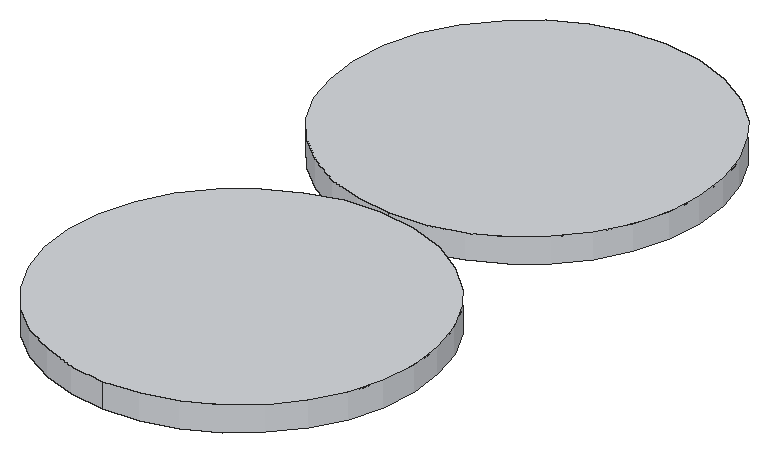
Revit family "Deca_Acionamento monocomando mesa redonda_Deca You_4990.104", category Plumbing Fixtures, host Face, Revit 2020
Family settings
  Host = Face
  Round Connector Dimension = Use Radius
  Part Type = Normal
  Cut with Voids When Loaded = No
  Shared = No
  Room Calculation Point = No
Parameters (values of type "4990.C104_Cromado")
  WFU = 0
  Vazão na Pressão mín. (L/min) = ""
  Vazão na Pressão máx. (L/min) = ""
  URL = "www.deca.com.br"
  Tipo de rosca de saída = "BSP"
  Tipo de rosca de entrada = "BSP"
  Tipo de mecanismo utilizado = "Cartucho moncomando Rotativo"
  Tipo de dispositivo economizador = "-"
  Segmento = "Luxo"
  Saída de Esgoto = "-"
  Raio Água Fria = 0.00 m  # constant formula
  Raio Ponto de Esgoto = 0.00 m  # constant formula
  Pressão mín. funcionamento = ""
  Pressão mín. Aquec. Passagem = "-"
  Pressão mín. Aquec. Acúmulo = "-"
  Pressão máx. funcionamento = ""
  Peso Líquido (Kg) = 0
  Norma = "Não possui"
  Model = "4990.C104"
  Material = Deca_Cromado
  Manufacturer = "DECA"
  Linha = "Deca You"
  Itens de Instalação = "Mangueira Flexivel"
  Informações Complementares = ""
  Diâmetro Água Fria = 2 * Raio Água Fria  # 0.00 m
  Diâmetro Ponto de Esgoto = 2 * Raio Ponto de Esgoto  # 0.00 m
  Description = ""
  Default Elevation = 0.00 m
  Código Pai = "4990.C104"
  Criado por = "quattroD"
  Cores Componente = ""
  Cor Secundária = "-"
  Cor Principal = "Cromado"
  Cor Interna = ""
  Consumo = "-"
  Composição Componente = ""
  Composição Básica = "Liga de Cobre (Latão),Plásticos de Engenharia, Aço Inoxidavel e Elastômeros"
  Composição Assento = ""
  Composição Anel Vedação = ""
  Categoria = "Acionamento  Monoc Lavatório / Banheiro"
  CWFU = 0
  Atendimento ao Cliente = "0800-0117073"
  Assembly Code = ""
  Aprovado por = "quattroD"
  Acompanha o Produto = "Flexiveis e Adaptadores de Rosca"
Types (11, lengths in m): name | Model | Material | Código Pai | Cor Principal
  4990.C104_Cromado | "4990.C104" | Deca_Cromado | "4990.C104" | "Cromado"
  4990.BL104.MT_Black Matte | "4990.BL104.MT" | Deca_Black Matte | "4990.BL104.MT" | "Black Matte"
  4990.GF104.MT_Grafite | "4990.GF104.MT" | Deca_Grafite | "4990.GF104.MT" | "Antracite Dark"
  4990.INX104_Inox | "4990.INX104" | Deca_Inox | "4990.INX104" | "Inox"
  4990.MR104.MT_Brown Matte | "4990.MR104.MT" | Deca_Brown Matte | "4990.MR104.MT" | "BROWN MATTE"
  4990.SM104.MT_Summer Gold | "4990.SM104.MT" | Deca_Summer Gold | "4990.SM104.MT" | "SUMMER GOLD"
  4990.BR104.MT_Dynamic White | "4990.BR104.MT" | Deca_Dynamic White | "4990.BR104.MT" | "Dynamic White"
  4990.LS104.MT_Dynamic Gold | "4990.LS104.MT" | Deca_Dynamic Gold | "4990.LS104.MT" | "Dynamic Gold"
  4990.CL104.MT_Dynamic Peach | "4990.CL104.MT" | Deca_Dynamic Peach | "4990.CL104.MT" | "Dynamic Peach"
  4990.LV104.MT_Dynamic Lilac | "4990.LV104.MT" | Deca_Dynamic Lilac | "4990.LV104.MT" | "Dynamic Lilac"
  4990.AZ104.MT_Dynamic Blue | "4990.AZ104.MT" | Deca_Dynamic Blue | "4990.AZ104.MT" | "Dynamic Blue"
Reference planes (m)
  plane 1 "Center (Front/Back)": y = 0
  plane 2: z = 0
  plane 3 "Center (Left/Right)": x = -0.001415
  plane 4: y = 0.040099
  plane 5: y = -0.039901
  plane 6: x = 0.038585
  plane 7: x = -0.041415
  plane 8: z = 0.042
Forms (m)
  Extrusion 1, solid
    sketch origin (0.000779, 0.00379, 0) x (1, 0, 0) y (0, -1, 0)
      loop
        circle (-0.000719, 0.010432) r 0.007
    from 0 to 0.001
  Extrusion 2, solid
    sketch origin (0.001042, 0.018756, 0) x (1, 0, 0) y (0, -1, 0)
      loop
        circle (-0.000719, 0.011286) r 0.007
    from 0 to 0.001
Lines and regions (m)
  Masking region 1
    outline origin (-0.108633, -0.093814, 0) x (1, 0, 0) y (0, 1, 0)
      loop
        circle (0.107218, 0.093913) r 0.04
  Masking region 2
    outline origin (-0.108635, 0, -0.183401) x (1, 0, 0) y (0, 0, 1)
      loop
        line (0.077218, 0.222401) -> (0.077218, 0.195401) -> (0.080891, 0.195401) -> (0.095218, 0.195401) -> (0.095218, 0.194401)
        arc (0.095218, 0.194401) -> (0.094925, 0.193694) -> (0.094218, 0.193401) r 0.001
        line (0.094218, 0.193401) -> (0.080891, 0.193401) -> (0.077218, 0.193401) -> (0.077218, 0.185401) -> (0.067218, 0.185401) -> (0.067218, 0.183401) -> (0.107218, 0.183401) -> (0.147218, 0.183401) -> (0.147218, 0.185401) -> (0.137218, 0.185401) -> (0.137218, 0.193401) -> (0.120218, 0.193401)
        arc (0.120218, 0.193401) -> (0.119511, 0.193694) -> (0.119218, 0.194401) r 0.001
        line (0.119218, 0.194401) -> (0.119218, 0.195401) -> (0.137218, 0.195401) -> (0.137218, 0.222401) -> (0.134218, 0.225401) -> (0.130276, 0.225401) -> (0.083524, 0.225401) -> (0.080218, 0.225401) -> (0.077218, 0.222401)
  Masking region 3
    outline origin (-0.001415, 0.257317, -0.183401) x (0, 1, 0) y (0, 0, 1)
      loop
        line (-0.227218, 0.222401) -> (-0.230218, 0.225401) -> (-0.233524, 0.225401) -> (-0.280276, 0.225401) -> (-0.284218, 0.225401) -> (-0.287218, 0.222401) -> (-0.287218, 0.195401) -> (-0.269218, 0.195401) -> (-0.269218, 0.194401)
        arc (-0.269218, 0.194401) -> (-0.269511, 0.193694) -> (-0.270218, 0.193401) r 0.001
        line (-0.270218, 0.193401) -> (-0.287218, 0.193401) -> (-0.287218, 0.185401) -> (-0.297218, 0.185401) -> (-0.297218, 0.183401) -> (-0.257218, 0.183401) -> (-0.217218, 0.183401) -> (-0.217218, 0.185401) -> (-0.227218, 0.185401) -> (-0.227218, 0.193401) -> (-0.230891, 0.193401) -> (-0.244218, 0.193401)
        arc (-0.244218, 0.193401) -> (-0.244925, 0.193694) -> (-0.245218, 0.194401) r 0.001
        line (-0.245218, 0.194401) -> (-0.245218, 0.195401) -> (-0.230891, 0.195401) -> (-0.227218, 0.195401) -> (-0.227218, 0.222401)
  symbolic lines
    curve 1: line (0.050585, 0.000099, 0) -> (-0.053415, 0.000099, 0)
    curve 2: circle (-0.001415, 0.000099, 0) r 0.03 normal (0, 0, 1)
    curve 3: circle (-0.001415, 0.000099, 0) r 0.027 normal (0, 0, 1)
    curve 4: circle (-0.001415, 0.000099, 0) r 0.0248 normal (0, 0, 1)
    curve 5: arc (-0.026163, -0.025002, 0) -> (-0.014789, -0.032515, 0) -> (-0.001415, -0.035151, 0) r 0.03525
    curve 6: line (-0.001415, -0.035151, 0) -> (-0.001415, -0.033851, 0)
    curve 7: line (-0.035258, -0.000712, 0) -> (-0.036665, 0.000099, 0)
    curve 8: arc (-0.036665, 0.000099, 0) -> (-0.034029, -0.013275, 0) -> (-0.026516, -0.024649, 0) r 0.03525
    curve 9: arc (-0.036155, -0.000705, 0) -> (-0.033412, -0.013455, 0) -> (-0.026163, -0.024295, 0) r 0.03475
    curve 10: arc (-0.025809, -0.024649, 0) -> (-0.014828, -0.031957, 0) -> (-0.001915, -0.034647, 0) r 0.03475
    curve 11: line (-0.001915, -0.034647, 0) -> (-0.001915, -0.033851, 0)
    curve 12: line (-0.035462, -0.001105, 0) -> (-0.036155, -0.000705, 0)
    curve 13: line (-0.035462, -0.001105, 0) -> (-0.035258, -0.000712, 0)
    curve 14: line (-0.026516, -0.024649, 0) -> (-0.026163, -0.024295, 0)
    curve 15: line (-0.026163, -0.025002, 0) -> (-0.025809, -0.024649, 0)
    curve 16: line (-0.001915, -0.033851, 0) -> (-0.001415, -0.033851, 0)
    curve 17: line (-0.027744, 0, 0.039) -> (-0.031417, 0, 0.039)
    curve 18: line (0.024203, 0, 0.039) -> (-0.027744, 0, 0.039)
    curve 19: line (0.028583, 0, 0.039) -> (0.024203, 0, 0.039)
    curve 20: line (0.028583, 0, 0.012) -> (-0.027744, 0, 0.012)
    curve 21: line (0.010583, 0, 0.011) -> (-0.011948, 0, 0.011)
    curve 22: line (-0.011948, 0, 0.011) -> (-0.013417, 0, 0.011)
    curve 23: line (0.028583, 0, 0.01) -> (-0.027744, 0, 0.01)
    curve 24: line (-0.027744, 0, 0.002) -> (0.028583, 0, 0.002)
    curve 25: line (-0.031417, 0, 0.002) -> (-0.027744, 0, 0.002)
    curve 26: line (-0.001415, 0.030098, 0.039) -> (-0.001415, -0.029902, 0.039)
    curve 27: line (-0.001415, 0.012098, 0.012) -> (-0.001415, -0.011902, 0.012)
    curve 28: line (-0.001415, 0.012098, 0.011) -> (-0.001415, -0.011902, 0.011)
    curve 29: line (-0.001415, 0.013098, 0.01) -> (-0.001415, -0.012902, 0.01)
    curve 30: line (-0.001415, 0.030098, 0.002) -> (-0.001415, -0.029902, 0.002)
Dimensions and locks (m)
  aligned and locked: host face to plane 2
  aligned and locked: level to host face
Connectors (m)
  piping at (0.00006, -0.006641, -0.001), driven by "Raio Água Fria"
    settings: on Extrusion 1, index 1, connector diameter 0", connector inside diameter 24", connector length 0.00 m, flow factor 0, pipe flow 0 GPM, pressure drop 0.00 psi, fitting loss kfactor 0, connector angle 0.00°, fixture units 0, engagement length 0.00 m, angle of deflection 0.00°, flow configuration 3, flow direction 2, fitting loss method 4, system type 20, joint type 0, gender type 0, connector reference index -1, connector utility 0, adjustable connector no, is connector primary yes, connector description ""
  piping at (0.000323, 0.00747, -0.001), driven by "Raio Água Fria"
    settings: on Extrusion 2, index 2, connector diameter 0", connector inside diameter 24", connector length 0.00 m, flow factor 0, pipe flow 0 GPM, pressure drop 0.00 psi, fitting loss kfactor 0, connector angle 0.00°, fixture units 0, engagement length 0.00 m, angle of deflection 0.00°, flow configuration 3, flow direction 2, fitting loss method 4, system type 19, joint type 0, gender type 0, connector reference index -1, connector utility 0, adjustable connector no, is connector primary no, connector description ""
